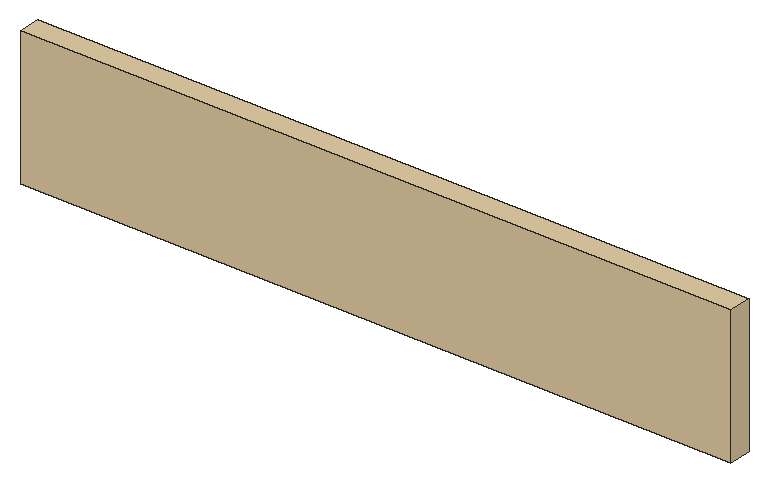
Revit family "Egnineered Wood Product_", category Structural Framing, Revit 2020
Family settings
  Structural Framing Length Roundoff = 0' - 0"
  Section Shape = Not Defined
  Material for Model Behavior = Wood
  Always export as geometry = No
  OmniClass Number = 23.25.30.11.14.14
  OmniClass Title = Beams
  Always vertical = Yes
  Cut with Voids When Loaded = No
  Symbolic Representation = From Project Settings
  Shared = No
  Show family pre-cut in plan views = Yes
Parameters (values of type "2x10")
  Structural Material [instance] = Softwood, Lumber
  A = 20.16 in²
  Assembly Code = "B10"
  Length [instance] = 5' - 0"
  b = 0' - 1 1/2"
  d = 0' - 9 1/4"
Types (9): name | A | b | d
  2x10 | 20.16 in² | 0' - 1 1/2" | 0' - 9 1/4"
  2x8 | 15.84 in² | 0' - 1 1/2" | 0' - 7 1/4"
  2x6 | 11.52 in² | 0' - 1 1/2" | 0' - 5 1/4"
  6x10 | 73.44 in² | 0' - 5 1/2" | 0' - 9 1/4"
  6x6 | 41.76 in² | 0' - 5 1/2" | 0' - 5 1/4"
  4x6 | 25.38 in² | 0' - 3 1/2" | 0' - 5 1/4"
  4x8 | 37.44 in² | 0' - 3 1/2" | 0' - 7 1/4"
  6x8 | 57.60 in² | 0' - 5 1/2" | 0' - 7 1/4"
  4x10 | 47.52 in² | 0' - 3 1/2" | 0' - 9 1/4"
Reference planes (in)
  plane 1 "Center (Front/Back)": y = 0
  plane 2: z = 0
  plane 3 "Center (Left/Right)": x = 0.1815
  plane 4 "Member Left": x = -23.8185
  plane 5 "Member Right": x = 24.1815
  plane 6: y = 0.75
  plane 7: y = -0.75
  plane 8: z = 4.625
  plane 9: z = -4.625
  plane 10 "Left": x = -29.8185
  plane 11 "Stick Symbol Left": x = -17.8185
  plane 12 "Stick Symbol Right": x = 18.1815
  plane 13 "Right": x = 30.1815
Forms (in)
  Sweep 1, solid, material "Softwood, Lumber" <- "Structural Material", detail levels medium+fine
    path origin (0, 0, 0) x (1, 0, 0) y (0, 1, 0)
      loop
        line (24.1815, 0) -> (-23.8185, 0)
    profile "Rectangular Wood Beam-Profile : Rectangular Wood Beam-Profile" origin (0.1815, 0, 0) x (0, -1, 0) y (0, 0, 1)
      loop
        line (-0.75, -4.625) -> (0.75, -4.625) -> (0.75, 4.625) -> (-0.75, 4.625) -> (-0.75, -4.625)
Lines and regions (in)
  symbolic lines, style "Stick Symbols", detail levels coarse
    curve 1: line (0.1815, 0.75, 4.625) -> (0.1815, -0.75, 4.625)
    curve 2: line (0.1815, -0.75, -4.625) -> (0.1815, 0.75, -4.625)
    curve 3: line (0.1815, -0.75, 4.625) -> (0.1815, -0.75, -4.625)
    curve 4: line (0.1815, 0.75, -4.625) -> (0.1815, 0.75, 4.625)
Dimensions and locks (in)
  "b": plane 6 to plane 7
  "d": plane 9 to plane 8
  equal spacing: plane 9, plane 2, plane 8
  equal spacing: plane 6, plane 1 "Center (Front/Back)", plane 7
  "Length": plane 10 "Left" to plane 13 "Right"
  aligned and locked: Sweep 1 sketch curve to plane 1 "Center (Front/Back)"
  aligned and locked: curve 1 to Sweep 1
  aligned and locked: curve 2 to Sweep 1
  aligned and locked: curve 3 to Sweep 1
  aligned and locked: curve 4 to Sweep 1
  aligned and locked: plane 4 "Member Left" to Sweep 1 sketch curve
  aligned and locked: plane 5 "Member Right" to Sweep 1 sketch curve
